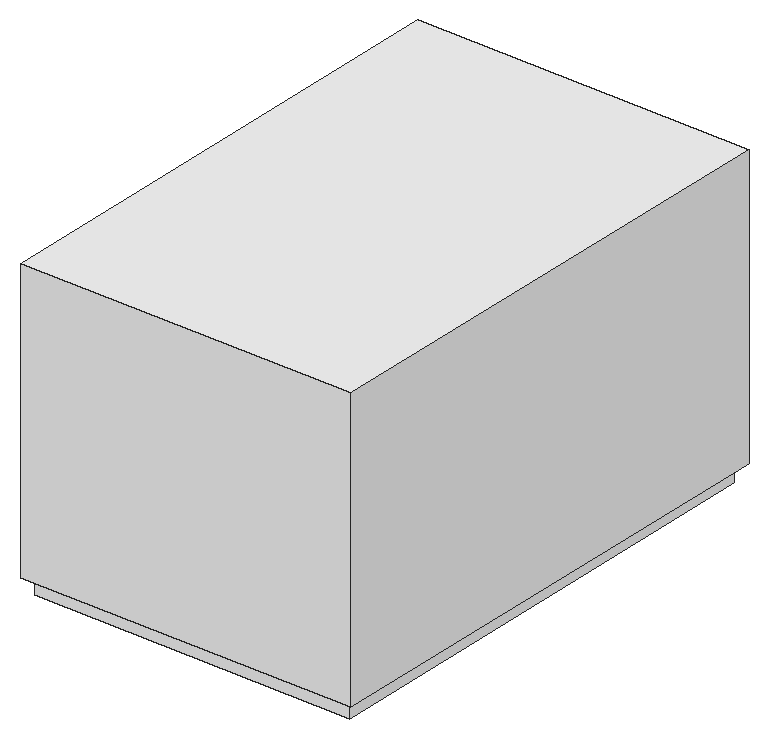
Revit family
Parameters
  URL = "http://www.martinbrattrud.com"
  SCS Certified Product = "Yes"
  Model = "Cor-Bitz 741-30R"
  Manufacturer = "Martin Brattrud, Inc."
  Foot [instance] = none
  Keynote = "125000"
  Copyright = "© 2013 Martin Brattrud, Inc."
  Table [instance] = none
  Authoring Version = "Revit Architecture 2010"
  Assembly Code = "E2020200"
Reference planes (in)
  plane 1 "Center Front/Back": y = 0
  plane 2: z = 0
  plane 3 "Center Left/Right": x = 0
Forms (in)
  Extrusion 1, solid, material <- "Table"
    sketch origin (0, 0, 0) x (1, 0, 0) y (0, 1, 0)
      loop
        line (-10, 15) -> (-10, -15) -> (10, -15) -> (10, 15) -> (-10, 15)
    from 1.25 to 18.25
  Extrusion 2, solid, material <- "Foot"
    sketch origin (0, 0, 0) x (1, 0, 0) y (0, 1, 0)
      loop
        line (-9.5, 14.5) -> (-9.5, -14.5) -> (9.5, -14.5) -> (9.5, 14.5) -> (-9.5, 14.5)
    from 0.25 to 1.25
  Revolve 3, solid, material <- "Foot"
    sketch origin (8.125, 13.17487, 0) x (-1, 0, 0) y (0, 0, -1)
      loop
        arc (-0.2498, 0) -> (-0.33833, -0.03667) -> (-0.375, -0.1252) r 0.1252
        line (-0.375, -0.1252) -> (-0.375, -0.25) -> (0, -0.25) -> (0, 0) -> (-0.2498, 0)
      axis (0, -0.25) -> (0, 0)
    angle from 0 to 360
  Revolve 4, solid, material <- "Foot"
    sketch origin (-8.125, 13.17487, 0) x (-1, 0, 0) y (0, 0, -1)
      loop
        arc (-0.2498, 0) -> (-0.33833, -0.03667) -> (-0.375, -0.1252) r 0.1252
        line (-0.375, -0.1252) -> (-0.375, -0.25) -> (0, -0.25) -> (0, 0) -> (-0.2498, 0)
      axis (0, -0.25) -> (0, 0)
    angle from 0 to 360
  Revolve 5, solid, material <- "Foot"
    sketch origin (8.125, -13.125, 0) x (-1, 0, 0) y (0, 0, -1)
      loop
        arc (-0.2498, 0) -> (-0.33833, -0.03667) -> (-0.375, -0.1252) r 0.1252
        line (-0.375, -0.1252) -> (-0.375, -0.25) -> (0, -0.25) -> (0, 0) -> (-0.2498, 0)
      axis (0, -0.25) -> (0, 0)
    angle from 0 to 360
  Revolve 6, solid, material <- "Foot"
    sketch origin (-8.125, -13.125, 0) x (-1, 0, 0) y (0, 0, -1)
      loop
        arc (-0.2498, 0) -> (-0.33833, -0.03667) -> (-0.375, -0.1252) r 0.1252
        line (-0.375, -0.1252) -> (-0.375, -0.25) -> (0, -0.25) -> (0, 0) -> (-0.2498, 0)
      axis (0, -0.25) -> (0, 0)
    angle from 0 to 360
